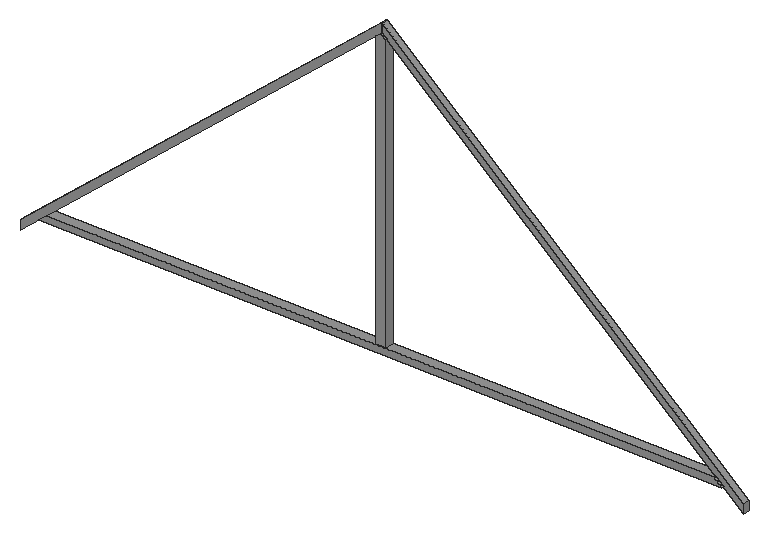
Revit family "KingPostTruss", category Structural Framing, Revit 2022
Family settings
  Section Shape = Not Defined
  Material for Model Behavior = Wood
  Always export as geometry = No
  OmniClass Number = 23.25.30.21.14
  OmniClass Title = Trussed Beams and Joists
  Work Plane-Based = No
  Always vertical = Yes
  Cut with Voids When Loaded = No
  Symbolic Representation = From Family
  Shared = No
  Show family pre-cut in plan views = Yes
Parameters
  WebWidth [instance] = 120 mm
  WebDepth [instance] = 150 mm
  T_Volume [instance] = 0.00 m³
  TopWidth [instance] = 80 mm
  Structural Material [instance] = Poche
  SpanRight [instance] = 5000 mm
  SpanLeft [instance] = 5000 mm
  Span [instance] = SpanLeft + SpanRight  # 10000 mm
  SlopeRight [instance] = 40.00°
  SlopeLeft [instance] = 40.00°
  OverhangRight [instance] = 300 mm
  OverhangLeft [instance] = 300 mm
  TopDepth [instance] = 100 mm
  BottomWidth [instance] = 150 mm
  BottomDepth [instance] = 100 mm
Reference planes
  plane 1 "Center (Front/Back)": y = 0
  plane 2: z = 0
  plane 3 "Center (Left/Right)": x = 0
  plane 4: x = -5000
  plane 5: x = 5000
  plane 6: x = 5300
  plane 7: x = -5300
  plane 8: z = 100
  plane 9: x = 75
  plane 10: x = -75
Forms (mm)
  Extrusion 1, solid, material "Cherry"
    sketch origin (0, 0, 0) x (1, 0, 0) y (0, 0, 1)
      loop
        line (-5300, -251.73) -> (0, 4195.498) -> (0, 4326.039) -> (-5300, -121.189) -> (-5300, -251.73)
    from -40 to 40
  Extrusion 2, solid, material "Cherry"
    sketch origin (0, 0, 0) x (1, 0, 0) y (0, 0, 1)
      loop
        line (5300, -251.73) -> (5300, -121.189) -> (0, 4326.039) -> (0, 4195.498) -> (5300, -251.73)
    from -40 to 40
  Extrusion 3, solid, material "Cherry"
    sketch origin (0, 0, 0) x (1, 0, 0) y (0, 0, 1)
      loop
        line (-5000, 0) -> (5000, 0) -> (4880.825, 100) -> (-4880.825, 100) -> (-5000, 0)
    from -75 to 75
  Extrusion 4, solid, material "Cherry"
    sketch origin (0, 0, 0) x (1, 0, 0) y (0, 0, 1)
      loop
        line (75, 100) -> (75, 4132.566) -> (0, 4195.498) -> (-75, 4132.566) -> (-75, 100) -> (75, 100)
    from -60 to 60
Lines and regions (mm)
  reference lines
    curve 1: line (5000, 0, 0) -> (2625.262, 0, 1992.642)
    curve 2: line (-5000, 0, 0) -> (-2318.844, 0, 2249.757)
    curve 3: line (4991.574, 0, 137.611) -> (-8.024, 0, 4332.772)
    curve 4: line (-4966.214, 0, 158.891) -> (-109.65, 0, 4234.032)
    curve 5: line (0, 40, 1939.254) -> (0, 40, -520.746)
    curve 6: line (0, -40, 1939.254) -> (0, -40, -520.746)
    curve 7: line (0, -60, 1939.254) -> (0, -60, -520.746)
    curve 8: line (0, -75, 1939.254) -> (0, -75, -520.746)
    curve 9: line (0, 60, 1939.254) -> (0, 60, -520.746)
    curve 10: line (0, 75, 1939.254) -> (0, 75, -520.746)
Dimensions and locks
  "SpanLeft": plane 3 "Center (Left/Right)" to plane 5
  "SpanRight": plane 3 "Center (Left/Right)" to plane 4
  "OverhangLeft": plane 5 to plane 6
  "OverhangRight": plane 7 to plane 4
  "BottomDepth": level to plane 8
  equal spacing: plane 10, plane 3 "Center (Left/Right)", plane 9
  "WebDepth": plane 10 to plane 9
  "TopDepth": curve 1 to curve 3
  "TopDepth": curve 4 to curve 2
  equal spacing: curve 5, curve 4, curve 6
  "TopWidth": curve 5 to curve 6
  equal spacing: curve 9, curve 4, curve 7
  "WebWidth": curve 9 to curve 7
  equal spacing: curve 10, curve 4, curve 8
  "BottomWidth": curve 10 to curve 8
  plane 5 to plane 3 "Center (Left/Right)" = 5000 mm
  plane 4 to plane 3 "Center (Left/Right)" = 5000 mm
  "SlopeLeft": angle level to curve 1
  "SlopeRight": angle curve 2 to level
  aligned and locked: plane 2 to level
  aligned and locked: Extrusion 1 sketch curve to curve 2
  aligned and locked: Extrusion 1 sketch curve to curve 4
  aligned and locked: Extrusion 1 sketch curve to curve 6
  aligned and locked: plane 7 to Extrusion 1 sketch curve
  aligned and locked: Extrusion 2 sketch curve to curve 1
  aligned and locked: Extrusion 2 sketch curve to curve 3
  aligned and locked: Extrusion 2 sketch curve to curve 6
  aligned and locked: Extrusion 2 sketch curve to plane 6
  aligned and locked: Extrusion 3 sketch curve to level
  aligned and locked: Extrusion 3 sketch curve to plane 8
  aligned and locked: Extrusion 1 to Extrusion 3 sketch curve
  aligned and locked: Extrusion 2 to Extrusion 3 sketch curve
  aligned and locked: Extrusion 2 to curve 6
  aligned and locked: Extrusion 2 to curve 5
  aligned and locked: Extrusion 1 to curve 6
  aligned and locked: Extrusion 1 to curve 5
  aligned and locked: Extrusion 3 to curve 8
  aligned and locked: curve 10 to Extrusion 3
  aligned and locked: Extrusion 4 sketch curve to plane 9
  aligned and locked: plane 10 to Extrusion 4 sketch curve
  aligned and locked: Extrusion 3 to Extrusion 4 sketch curve
  aligned and locked: Extrusion 4 sketch curve to Extrusion 2
  aligned and locked: Extrusion 1 to Extrusion 4 sketch curve
  aligned and locked: Extrusion 4 to curve 9
  aligned and locked: Extrusion 4 to curve 7
Automatic sketch dimensions
  curve 2 to level = 0 mm
  plane 4 to curve 2 = 0 mm
  curve 1 to level = 0 mm
  plane 5 to curve 1 = 0 mm
  curve 4 to plane 4 = 33.786 mm
  curve 4 to plane 10 = 34.65 mm
  curve 3 to plane 3 "Center (Left/Right)" = 8.024 mm
  plane 5 to curve 3 = 8.426 mm
  curve 10 to level = 520.746 mm
  curve 5 to curve 10 = 0 mm
  curve 8 to curve 5 = 0 mm
  curve 8 to curve 6 = 0 mm  (x2)
  curve 8 to curve 7 = 0 mm  (x2)
  curve 9 to curve 10 = 0 mm  (x2)
  plane 8 to curve 6 = 1839.254 mm
  curve 6 to curve 9 = 0 mm
  curve 5 to curve 9 = 0 mm
